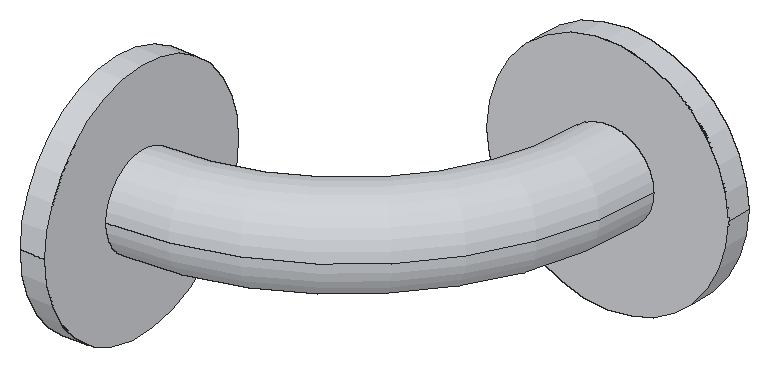
Revit family "d915ef583944470999fe033775da1b2d", category Pipe Fittings, Revit 2021
Family settings
  Round Connector Dimension = Use Radius
  Part Type = Elbow
  OmniClass Number = 23.60.30.11.14
  OmniClass Title = Pipework Fittings
  Seek Item ID = Elbow Long Radius - Flanged - GI - Class 125-0000-USA-ENU
  Work Plane-Based = No
  Always vertical = Yes
  Cut with Voids When Loaded = No
  Shared = No
Parameters (values of type "Standard")
  Wall Thickness [instance] = size_lookup(Lookup Table Name, "WThk", 0.04 * Nominal Diameter + 5/16", Nominal Diameter)  # 0.31102"
  Tick Size [instance] = Flange Diameter * 0.4  # 1.70079"
  Loss Method = K Coefficient from Table
  Lookup Table Name = "Elbow Long Radius - Flanged - GI - Class 125"
  Length 4 [instance] = Length 1 * sin(Angle)  # 5"
  Length 3 [instance] = Length 1 * cos(Angle) + Length 1  # 5"
  K Coefficient Table = "Long Radius Flanged 45, 90 and 180 Elbow"
  Fitting Outside Radius [instance] = Fitting Outside Diameter / 2  # 0.80315"
  Fitting Outside Diameter [instance] = Fitting Inside Diameter + Wall Thickness * 2  # 1.6063"
  Length 2 [instance] = (Fitting Outside Radius + 1/32") * tan(Angle / 2) + Flange Thickness  # 1.27141"
  Nominal Radius [instance] = 1/2"
  Nominal Diameter [instance] = Nominal Radius * 2  # 1"
  Fitting Inside Diameter [instance] = size_lookup(Lookup Table Name, "FID", 1.02 * Nominal Diameter - 11/256", Nominal Diameter)  # 0.98425"
  Length 1 [instance] = if(Center to Face > Fitting Outside Radius * tan(Angle / 2) + Flange Thickness, Center to Face, Length 2)  # 5"
  Default Elevation = 0' - 0"
  Center to Face [instance] = size_lookup(Lookup Table Name, "CtF", 1.27 * Nominal Diameter + 3 119/128", Nominal Diameter)  # 5"
  Center Radius [instance] = (Length 1 - Flange Thickness) / tan(Angle / 2)  # 4.56299"
  Flange Thickness [instance] = size_lookup(Lookup Table Name, "FThk", 0.05 * Nominal Diameter + 161/256", Nominal Diameter)  # 0.43701"
  Flange Radius [instance] = Flange Diameter / 2  # 2.12598"
  Flange Diameter [instance] = size_lookup(Lookup Table Name, "FDia", 1.19 * Nominal Diameter + 3 31/32", Nominal Diameter)  # 4.25197"
  Assembly Code = ""
  Angle [instance] = 90.00°
Reference planes (in)
  plane 1 "Center (Front/Back)": y = 0
  plane 2: z = 0
  plane 3 "Center (Left/Right)": x = 0
  plane 4: x = -4.56299
  plane 5: x = -5
  plane 6: y = 4.56299
  plane 7: y = 1.70079
  plane 8: y = -1.70079
  plane 9: x = 0
  plane 10: y = 5
Forms (in)
  Sweep 1, solid, detail levels fine
    path in 3D
      loop
        arc (-4.56299, 0, 0) -> (-1.33647, 1.33647, 0) -> (0, 4.56299, 0) r 4.56299
    profile origin (-1.33647, 1.33647, 0) x (-0.707107, 0.707107, 0) y (0, 0, 1)
      loop
        circle (0, 0) r 0.80315
  Sweep 2, solid, detail levels fine
    path in 3D
      loop
        line (-5, 0, 0) -> (-4.56299, 0, 0)
    profile origin (-4.7815, 0, 0) x (0, 1, 0) y (0, 0, 1)
      loop
        circle (0, 0) r 2.12598
  Sweep 3, solid, detail levels fine
    path in 3D
      loop
        line (0, 4.56299, 0) -> (0, 5, 0)
    profile origin (0, 4.7815, 0) x (-1, 0, 0) y (0, 0, 1)
      loop
        circle (0, 0) r 2.12598
Cuts and joins
  joined: Sweep 1, Sweep 2, Sweep 3
Lines and regions (in)
  model lines, detail levels coarse+medium
    curve 1: line (-5, 0, 0) -> (-4.56299, 0, 0)
    curve 2: arc (-4.56299, 0, 0) -> (-1.33647, 1.33647, 0) -> (0, 4.56299, 0) r 4.56299
    curve 3: line (0, 4.56299, 0) -> (0, 5, 0)
    curve 8: line (-5, 0, 0) -> (-5, 1.70079, 0)
    curve 9: line (-5, 0, 0) -> (-5, -1.70079, 0)
    curve 10: line (0, 5, 0) -> (-1.70079, 5, 0)
    curve 11: line (0, 5, 0) -> (1.70079, 5, 0)
  sketch lines
    curve 4: arc (-4.56299, 0, 0) -> (-1.33647, 1.33647, 0) -> (0, 4.56299, 0) r 4.56299
    curve 5: line (-5, 0, 0) -> (-4.56299, 0, 0)
    curve 6: line (0, 4.56299, 0) -> (0, 5, 0)
  reference lines
    curve 7: line (-5, 0, 0) -> (-4.56299, 0, 0)
    curve 12: line (0, 5, 0) -> (0, 4.56299, 0)
Dimensions and locks (in)
  "Center Radius": plane 6 to plane 1 "Center (Front/Back)"
  "Flange Thickness": plane 5 to plane 4
  "Tick Size": plane 7 to plane 1 "Center (Front/Back)"
  "Tick Size": plane 8 to plane 1 "Center (Front/Back)"
  "Flange Thickness": curve 3 to curve 3
  "Tick Size": curve 10 to curve 10
  "Tick Size": curve 11 to curve 11
  "Length 1": plane 5 to plane 3 "Center (Left/Right)"
  "Length 3": plane 5 to plane 9
  "Length 4": plane 10 to plane 1 "Center (Front/Back)"
  "Center Radius": radius of curve 2
  "Fitting Outside Radius": radius of Sweep 1 sketch curve
  "Flange Radius": radius of Sweep 2 sketch curve
  "Flange Radius": radius of Sweep 3 sketch curve
  "Angle": angle curve 2 to curve 2
  "Angle": angle plane 1 "Center (Front/Back)" to curve 3
  locked: curve 11 to curve 3 (angle 90.00°)
  locked: curve 3 to curve 10 (angle 90.00°)
  "Angle": angle plane 10 to curve 12
  aligned and locked: plane 4 to curve 2
  aligned and locked: plane 5 to curve 7
  aligned and locked: plane 1 "Center (Front/Back)" to curve 7
  aligned and locked: plane 7 to curve 8
  aligned and locked: plane 1 "Center (Front/Back)" to curve 9
  aligned and locked: plane 8 to curve 9
  aligned and locked: curve 9 to plane 5
  aligned and locked: plane 9 to curve 12
  aligned and locked: plane 10 to curve 12
Automatic sketch dimensions
  Sweep 1 sketch curve to profile plane = 0' - 0"  (x2)
  Sweep 2 sketch curve to profile plane = 0' - 0"  (x2)
  Sweep 3 sketch curve to profile plane = 0' - 0"  (x2)
  curve 7 to plane 4 = 0' - 0"
Connectors (in)
  piping at (-5, 0, 0), diameter 1, driven by "Angle", driven by "Nominal Radius"
    settings: on cut or joined group of Sweep 1, Sweep 2, Sweep 3, index 1, connector inside diameter 1", connector length 0' - 0", flow factor 0, pipe flow 0 GPM, pressure drop 0.00 psi, fitting loss kfactor 0, connector angle 90.00°, fixture units 0, engagement length 0' - 0", angle of deflection 0.00°, flow configuration 0, flow direction 0, fitting loss method 0, system type 28, joint type 0, gender type 0, connector reference index 2, connector utility 0, adjustable connector no, is connector primary yes, connector description ""
  piping at (0, 5, 0), diameter 1, driven by "Angle", driven by "Nominal Radius"
    settings: on cut or joined group of Sweep 1, Sweep 2, Sweep 3, index 2, connector inside diameter 1", connector length 0' - 0", flow factor 0, pipe flow 0 GPM, pressure drop 0.00 psi, fitting loss kfactor 0, connector angle 90.00°, fixture units 0, engagement length 0' - 0", angle of deflection 0.00°, flow configuration 0, flow direction 0, fitting loss method 0, system type 28, joint type 0, gender type 0, connector reference index 1, connector utility 0, adjustable connector no, is connector primary no, connector description ""
